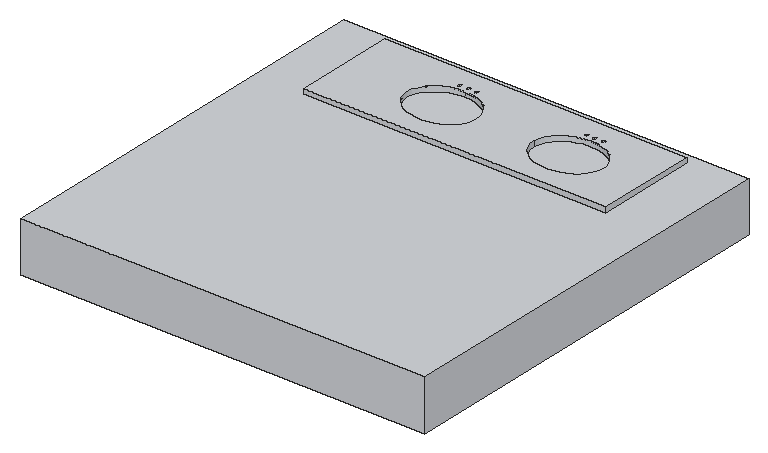
Revit family
Parameters
  Width = 2' - 0"
  URL = "www.coldspringgranite.com"
  TypicalJointSize = 0' - 0 1/4"
  StoneMaterial = none
  SinkCutoutWidth = 1' - 1 1/2"
  SinkCutoutLength = 1' - 4 5/8"
  SinkCenterlinetoSinkCenterline = 2' - 6"
  SinkCenterlinetoLeftEdge = 2' - 0"
  SinkCenterlinetoFrontEdge = 0' - 11"
  Product Name = "Countertop - Vanity Stone Panels with Double Sink Cutout"
  Product Documentation Link = "http://www.coldspringgranite.com/BIM_Families/Family_Detail/Countertop_-_Vanity_Stone_Panels_with_Double_Sink_Cutout/"
  PhoneNumber = "800-551-7502"
  Notes = ""
  Model = "N/A"
  Manufacturer = "Cold Spring Granite Company"
  Low Emitting Material = yes
  Low Emitting Finish = yes
  Location = "17482 Granite West Road, Cold Spring, MN 56320-4578"
  Length [instance] = 6' - 0"
  LEED Credit = ""
  Keynote = "123640"
  JointRight = if(JointRightOff, 0' 0", TypicalJointSize / 2)  # 0' - 0 1/8"
  JointLeft = if(JointLeftOff, 0' 0", TypicalJointSize / 2)  # 0' - 0 1/8"
  JointBackOff = no
  JointRightOff = no
  JointLeftOff = no
  JointBack = if(JointBackOff, 0' 0", TypicalJointSize / 2)  # 0' - 0 1/8"
  Height = 0' - 1 3/16"
  FaucetHoleRadius = 0' - 0 3/8"
  FaucetCenterlinetoSinkEdge = 0' - 1 1/8"
  FaucetCenterlinetoFaucetCenterline = 0' - 4"
  Description = "Stone Double Vanity Square Front Edge"
  Default Elevation = 0' - 0"
  CountertopHeight = 2' - 10"
  Assembly Code = "C1030400"
Reference planes (in)
  plane 1 "Center (Front/Back)": y = 0
  plane 2: z = 0
  plane 3 "Center (Left/Right)": x = 0
  plane 4 "StoneLeft": x = 0.125
  plane 5 "StoneRight": x = 71.875
  plane 6 "JointRightCenter": x = 72
  plane 7 "StoneBack": y = -0.125
  plane 8 "StoneFront": y = -24
  plane 9 "SinkLeftOne": x = 15.8125
  plane 10 "SinkRightOne": x = 32.4375
  plane 11 "SinkRightTwo": x = 62.4375
  plane 12 "SinkLeftTwo": x = 45.8125
  plane 13 "SinkLeftCenter": x = 24.125
  plane 14 "SinkRightCenter": x = 54.125
  plane 15 "FaucetLeftOne": x = 22.125
  plane 16 "FaucetRightOne": x = 26.125
  plane 17 "FaucetLeftTwo": x = 52.125
  plane 18 "FaucetRightTwo": x = 56.125
  plane 19 "SinkCenterFrontBack": y = -13
  plane 20 "SinkBack": y = -6.25
  plane 21 "SinkFront": y = -19.75
  plane 22 "FaucetCenterFrontBack": y = -5.125
  plane 23 "StoneTop": z = 34
  plane 24 "StoneBottom": z = 32.8125
Forms (in)
  Extrusion 1, solid
    sketch origin (0, 0, 0) x (1, 0, 0) y (0, 1, 0)
      loop
        line (-48, 48) -> (-48, -48) -> (48, -48) -> (48, 48) -> (-48, 48)
    from 0 to -12
  Extrusion 2, solid, material <- "StoneMaterial", detail levels coarse
    sketch origin (0, 0, 0) x (1, 0, 0) y (0, 1, 0)
      loop
        line (0, -24) -> (72, -24) -> (72, 0) -> (0, 0) -> (0, -24)
    from 32.8125 to 34
  Extrusion 3, solid, material <- "StoneMaterial", detail levels medium+fine
    sketch origin (7.37383, 2.64701, 0) x (1, 0, 0) y (0, 1, 0)
      loop
        line (-7.24883, -26.64701) -> (64.50117, -26.64701) -> (64.50117, -2.77201) -> (-7.24883, -2.77201) -> (-7.24883, -26.64701)
      loop
        spline (16.75117, -8.89701) -> (14.59974, -9.12702) -> (12.59492, -9.80134) -> (10.87335, -10.87404) -> (9.55234, -12.27201) -> (8.72192, -13.89999) -> (8.43867, -15.64701) -> (8.72192, -17.39404) -> (9.55234, -19.02201) -> (10.87335, -20.41999) -> (12.59492, -21.49269) -> (14.59974, -22.16701) -> (16.75117, -22.39701)
        spline (16.75117, -22.39701) -> (18.90261, -22.16701) -> (20.90742, -21.49269) -> (22.629, -20.41999) -> (23.95001, -19.02201) -> (24.78043, -17.39404) -> (25.06367, -15.64701) -> (24.78043, -13.89999) -> (23.95001, -12.27201) -> (22.629, -10.87404) -> (20.90742, -9.80134) -> (18.90261, -9.12702) -> (16.75117, -8.89701)
      loop
        spline (55.06367, -15.64701) -> (54.78043, -13.89999) -> (53.95001, -12.27201) -> (52.629, -10.87404) -> (50.90742, -9.80134) -> (48.90261, -9.12702) -> (46.75117, -8.89701) -> (44.59974, -9.12702) -> (42.59492, -9.80134) -> (40.87335, -10.87404) -> (39.55234, -12.27201) -> (38.72192, -13.89999) -> (38.43867, -15.64701)
        spline (38.43867, -15.64701) -> (38.72192, -17.39404) -> (39.55234, -19.02201) -> (40.87335, -20.41999) -> (42.59492, -21.49269) -> (44.59974, -22.16701) -> (46.75117, -22.39701) -> (48.90261, -22.16701) -> (50.90742, -21.49269) -> (52.629, -20.41999) -> (53.95001, -19.02201) -> (54.78043, -17.39404) -> (55.06367, -15.64701)
      loop
        circle (14.75117, -7.77201) r 0.375
      loop
        circle (16.75117, -7.77201) r 0.375
      loop
        circle (18.75117, -7.77201) r 0.375
      loop
        circle (44.75117, -7.77201) r 0.375
      loop
        circle (46.75117, -7.77201) r 0.375
      loop
        circle (48.75117, -7.77201) r 0.375
    from 32.8125 to 34
Lines and regions (in)
  Masking region 1, detail levels coarse
    outline origin (0, -24, 0) x (1, 0, 0) y (0, 0, 1)
      loop
        line (0, 34) -> (0, 32.8125) -> (72, 32.8125) -> (72, 34) -> (0, 34)
  Masking region 2, detail levels medium+fine
    outline origin (0, -24, 0) x (1, 0, 0) y (0, 0, 1)
      loop
        line (0.125, 34) -> (0.125, 32.8125) -> (71.875, 32.8125) -> (71.875, 34) -> (0.125, 34)
  Masking region 3, detail levels coarse
    outline origin (0.125, 0, 0) x (0, 1, 0) y (0, 0, 1)
      loop
        line (0, 34) -> (-24, 34) -> (-24, 32.8125) -> (0, 32.8125) -> (0, 34)
  Masking region 4, detail levels medium+fine
    outline origin (0.125, 0, 0) x (0, 1, 0) y (0, 0, 1)
      loop
        line (-0.125, 34) -> (-24, 34) -> (-24, 32.8125) -> (-0.125, 32.8125) -> (-0.125, 34)
  Masking region 5, detail levels coarse
    outline origin (0, 0, 34) x (-1, 0, 0) y (0, -1, 0)
      loop
        line (0, 0) -> (0, 24) -> (-72, 24) -> (-72, 0) -> (0, 0)
  Masking region 6, detail levels medium+fine
    outline origin (-1.75, 1.75, 34) x (-1, 0, 0) y (0, -1, 0)
      loop
        line (-1.875, 25.75) -> (-73.625, 25.75) -> (-73.625, 1.875) -> (-1.875, 1.875) -> (-1.875, 25.75)
      loop
        circle (-23.875, 6.875) r 0.375
      loop
        circle (-25.875, 6.875) r 0.375
      loop
        circle (-27.875, 6.875) r 0.375
      loop
        circle (-53.875, 6.875) r 0.375
      loop
        circle (-55.875, 6.875) r 0.375
      loop
        circle (-57.875, 6.875) r 0.375
      loop
        spline (-34.1875, 14.75) -> (-33.90426, 13.00297) -> (-33.07384, 11.375) -> (-31.75283, 9.97703) -> (-30.03125, 8.90433) -> (-28.02643, 8.23) -> (-25.875, 8) -> (-23.72357, 8.23) -> (-21.71875, 8.90433) -> (-19.99717, 9.97703) -> (-18.67616, 11.375) -> (-17.84574, 13.00297) -> (-17.5625, 14.75)
        spline (-17.5625, 14.75) -> (-17.84574, 16.49703) -> (-18.67616, 18.125) -> (-19.99717, 19.52297) -> (-21.71875, 20.59567) -> (-23.72357, 21.27) -> (-25.875, 21.5) -> (-28.02643, 21.27) -> (-30.03125, 20.59567) -> (-31.75283, 19.52297) -> (-33.07384, 18.125) -> (-33.90426, 16.49703) -> (-34.1875, 14.75)
      loop
        spline (-64.1875, 14.75) -> (-63.90426, 13.00297) -> (-63.07384, 11.375) -> (-61.75283, 9.97703) -> (-60.03125, 8.90433) -> (-58.02643, 8.23) -> (-55.875, 8) -> (-53.72357, 8.23) -> (-51.71875, 8.90433) -> (-49.99717, 9.97703) -> (-48.67616, 11.375) -> (-47.84574, 13.00297) -> (-47.5625, 14.75)
        spline (-47.5625, 14.75) -> (-47.84574, 16.49703) -> (-48.67616, 18.125) -> (-49.99717, 19.52297) -> (-51.71875, 20.59567) -> (-53.72357, 21.27) -> (-55.875, 21.5) -> (-58.02643, 21.27) -> (-60.03125, 20.59567) -> (-61.75283, 19.52297) -> (-63.07384, 18.125) -> (-63.90426, 16.49703) -> (-64.1875, 14.75)
  symbolic lines, detail levels fine
    curve 1: line (0.125, -4.75, 34) -> (0.125, -4.75, 32.8125)
    curve 2: line (0.125, -5.5, 32.8125) -> (0.125, -5.5, 34)
    curve 3: line (0.125, -6, 34) -> (0.125, -6, 32.8125)
    curve 4: line (0.125, -19.75, 34) -> (0.125, -19.75, 32.8125)
Dimensions and locks (in)
  "Length": plane 3 "Center (Left/Right)" to plane 6 "JointRightCenter"
  "JointLeft": plane 3 "Center (Left/Right)" to plane 4 "StoneLeft"
  "JointRight": plane 5 "StoneRight" to plane 6 "JointRightCenter"
  "Width": plane 8 "StoneFront" to plane 1 "Center (Front/Back)"
  "JointBack": plane 7 "StoneBack" to plane 1 "Center (Front/Back)"
  equal spacing: plane 9 "SinkLeftOne", plane 13 "SinkLeftCenter", plane 10 "SinkRightOne"
  equal spacing: plane 12 "SinkLeftTwo", plane 14 "SinkRightCenter", plane 11 "SinkRightTwo"
  equal spacing: plane 21 "SinkFront", plane 19 "SinkCenterFrontBack", plane 20 "SinkBack"
  "Height": plane 23 "StoneTop" to plane 24 "StoneBottom"
  "CountertopHeight": plane 23 "StoneTop" to plane 2
  "SinkCutoutLength": plane 9 "SinkLeftOne" to plane 10 "SinkRightOne"
  "SinkCutoutLength": plane 12 "SinkLeftTwo" to plane 11 "SinkRightTwo"
  "SinkCutoutWidth": plane 20 "SinkBack" to plane 21 "SinkFront"
  equal spacing: plane 15 "FaucetLeftOne", plane 13 "SinkLeftCenter", plane 16 "FaucetRightOne"
  equal spacing: plane 17 "FaucetLeftTwo", plane 14 "SinkRightCenter", plane 18 "FaucetRightTwo"
  "FaucetCenterlinetoFaucetCenterline": plane 15 "FaucetLeftOne" to plane 16 "FaucetRightOne"
  "FaucetCenterlinetoFaucetCenterline": plane 17 "FaucetLeftTwo" to plane 18 "FaucetRightTwo"
  "SinkCenterlinetoFrontEdge": plane 19 "SinkCenterFrontBack" to plane 8 "StoneFront"
  "SinkCenterlinetoLeftEdge": plane 4 "StoneLeft" to plane 13 "SinkLeftCenter"
  "SinkCenterlinetoSinkCenterline": plane 13 "SinkLeftCenter" to plane 14 "SinkRightCenter"
  "FaucetHoleRadius": curve 1 to plane 22 "FaucetCenterFrontBack"
  "FaucetHoleRadius": plane 22 "FaucetCenterFrontBack" to curve 2
  locked: plane 15 "FaucetLeftOne" to Extrusion 3 sketch curve at 0
  locked: Extrusion 3 sketch curve to plane 13 "SinkLeftCenter" at 0  (x2)
  locked: Extrusion 3 sketch curve to plane 16 "FaucetRightOne" at 0
  locked: plane 10 "SinkRightOne" to Extrusion 3 sketch curve at 0
  locked: plane 17 "FaucetLeftTwo" to Extrusion 3 sketch curve at 0
  locked: plane 14 "SinkRightCenter" to Extrusion 3 sketch curve at 0  (x2)
  locked: Extrusion 3 sketch curve to plane 18 "FaucetRightTwo" at 0
  locked: Extrusion 3 sketch curve to plane 11 "SinkRightTwo" at 0
  locked: Extrusion 3 sketch curve to plane 19 "SinkCenterFrontBack" at 0  (x2)
  locked: plane 22 "FaucetCenterFrontBack" to Extrusion 3 sketch curve at 0  (x6)
  "SinkCutoutWidth": Extrusion 3 sketch curve to Extrusion 3 sketch curve  (x2)
  "SinkCutoutWidth": Masking region 6 sketch curve to Masking region 6 sketch curve  (x2)
  "SinkCutoutLength": Masking region 6 sketch curve to Masking region 6 sketch curve  (x2)
  locked: plane 11 "SinkRightTwo" to Masking region 6 sketch curve at 0
  locked: plane 18 "FaucetRightTwo" to Masking region 6 sketch curve at 0
  locked: Masking region 6 sketch curve to plane 14 "SinkRightCenter" at 0
  locked: Masking region 6 sketch curve to plane 17 "FaucetLeftTwo" at 0
  locked: Masking region 6 sketch curve to plane 10 "SinkRightOne" at 0
  locked: plane 16 "FaucetRightOne" to Masking region 6 sketch curve at 0
  locked: plane 13 "SinkLeftCenter" to Masking region 6 sketch curve at 0
  locked: Masking region 6 sketch curve to plane 15 "FaucetLeftOne" at 0
  locked: Masking region 6 sketch curve to plane 22 "FaucetCenterFrontBack" at 0  (x6)
  locked: plane 19 "SinkCenterFrontBack" to Masking region 6 sketch curve at 0  (x2)
  "FaucetCenterlinetoSinkEdge": plane 20 "SinkBack" to plane 22 "FaucetCenterFrontBack"
  "FaucetHoleRadius": radius of Extrusion 3 sketch curve  (x6)
  "FaucetHoleRadius": radius of Masking region 6 sketch curve  (x6)
  aligned and locked: plane 2 to Extrusion 1
  aligned and locked: level to Extrusion 1
  aligned and locked: Extrusion 2 to plane 3 "Center (Left/Right)"
  aligned and locked: plane 6 "JointRightCenter" to Extrusion 2
  aligned and locked: Extrusion 2 to plane 1 "Center (Front/Back)"
  aligned and locked: plane 8 "StoneFront" to Extrusion 2
  aligned and locked: Extrusion 3 to plane 4 "StoneLeft"
  aligned and locked: plane 7 "StoneBack" to Extrusion 3
  aligned and locked: Extrusion 3 to plane 5 "StoneRight"
  aligned and locked: plane 8 "StoneFront" to Extrusion 3
  aligned and locked: plane 23 "StoneTop" to Extrusion 3
  aligned and locked: plane 24 "StoneBottom" to Extrusion 3
  aligned and locked: plane 23 "StoneTop" to Extrusion 2
  aligned and locked: plane 24 "StoneBottom" to Extrusion 2
  aligned and locked: Masking region 1 to plane 3 "Center (Left/Right)"
  aligned and locked: plane 6 "JointRightCenter" to Masking region 1
  aligned and locked: plane 23 "StoneTop" to Masking region 1
  aligned and locked: plane 24 "StoneBottom" to Masking region 1
  aligned and locked: Masking region 2 to plane 4 "StoneLeft"
  aligned and locked: Masking region 2 to plane 5 "StoneRight"
  aligned and locked: plane 23 "StoneTop" to Masking region 2
  aligned and locked: plane 24 "StoneBottom" to Masking region 2
  aligned and locked: plane 1 "Center (Front/Back)" to Masking region 3
  aligned and locked: Masking region 3 to plane 8 "StoneFront"
  aligned and locked: Masking region 3 to plane 23 "StoneTop"
  aligned and locked: Masking region 3 to plane 24 "StoneBottom"
  aligned and locked: Masking region 4 to plane 7 "StoneBack"
  aligned and locked: Masking region 4 to plane 8 "StoneFront"
  aligned and locked: Masking region 4 to plane 23 "StoneTop"
  aligned and locked: Masking region 4 to plane 24 "StoneBottom"
  aligned and locked: plane 23 "StoneTop" to curve 4
  aligned and locked: plane 24 "StoneBottom" to curve 4
  aligned and locked: plane 21 "SinkFront" to curve 4
  aligned and locked: plane 23 "StoneTop" to curve 3
  aligned and locked: plane 24 "StoneBottom" to curve 3
  aligned and locked: plane 23 "StoneTop" to curve 2
  aligned and locked: plane 24 "StoneBottom" to curve 2
  aligned and locked: plane 23 "StoneTop" to curve 1
  aligned and locked: plane 24 "StoneBottom" to curve 1
  aligned and locked: Masking region 5 to plane 3 "Center (Left/Right)"
  aligned and locked: Masking region 5 to plane 1 "Center (Front/Back)"
  aligned and locked: plane 6 "JointRightCenter" to Masking region 5
  aligned and locked: plane 8 "StoneFront" to Masking region 5
  aligned and locked: Masking region 6 to plane 4 "StoneLeft"
  aligned and locked: plane 7 "StoneBack" to Masking region 6
  aligned and locked: Masking region 6 to plane 5 "StoneRight"
  aligned and locked: plane 8 "StoneFront" to Masking region 6
Automatic sketch dimensions
  Extrusion 1 sketch curve to Extrusion 1 sketch curve = 8' - 0"  (x2)
  Extrusion 2 sketch curve to plane 4 "StoneLeft" = 0' - 0 1/8"
  plane 6 "JointRightCenter" to Extrusion 2 sketch curve = 0' - 0"
  plane 8 "StoneFront" to Extrusion 2 sketch curve = 0' - 0"
  Extrusion 2 sketch curve to plane 1 "Center (Front/Back)" = 0' - 0"
  plane 24 "StoneBottom" to Masking region 1 sketch curve = 0' - 0"
  Masking region 1 sketch curve to plane 4 "StoneLeft" = 0' - 0 1/8"
  Masking region 1 sketch curve to plane 5 "StoneRight" = 0' - 0 1/8"
  plane 23 "StoneTop" to Masking region 1 sketch curve = 0' - 0"
  plane 4 "StoneLeft" to Masking region 2 sketch curve = 0' - 0"
  Masking region 2 sketch curve to plane 5 "StoneRight" = 0' - 0"
  plane 24 "StoneBottom" to Masking region 2 sketch curve = 0' - 0"
  Masking region 2 sketch curve to Masking region 2 sketch curve = 0' - 1 3/16"
  curve 3 to plane 20 "SinkBack" = 0' - 0 1/4"
  Masking region 3 sketch curve to plane 8 "StoneFront" = 0' - 0"
  Masking region 3 sketch curve to plane 1 "Center (Front/Back)" = 0' - 0"
  plane 24 "StoneBottom" to Masking region 3 sketch curve = 0' - 0"
  Masking region 3 sketch curve to plane 23 "StoneTop" = 0' - 0"
  Masking region 4 sketch curve to plane 8 "StoneFront" = 0' - 0"
  Masking region 4 sketch curve to plane 7 "StoneBack" = 0' - 0"
  plane 24 "StoneBottom" to Masking region 4 sketch curve = 0' - 0"
  Masking region 4 sketch curve to plane 23 "StoneTop" = 0' - 0"
  plane 11 "SinkRightTwo" to Masking region 5 sketch curve = 0' - 9 9/16"
  Masking region 5 sketch curve to plane 4 "StoneLeft" = 0' - 0 1/8"
  Masking region 5 sketch curve to plane 1 "Center (Front/Back)" = 0' - 0"
  plane 8 "StoneFront" to Masking region 5 sketch curve = 0' - 0"
  Extrusion 3 sketch curve to plane 4 "StoneLeft" = 0' - 0"
  plane 5 "StoneRight" to Extrusion 3 sketch curve = 0' - 0"
  plane 8 "StoneFront" to Extrusion 3 sketch curve = 0' - 0"
  Extrusion 3 sketch curve to plane 7 "StoneBack" = 0' - 0"
  Masking region 6 sketch curve to plane 5 "StoneRight" = 0' - 0"
  plane 4 "StoneLeft" to Masking region 6 sketch curve = 0' - 0"
  plane 7 "StoneBack" to Masking region 6 sketch curve = 0' - 0"
  Masking region 6 sketch curve to plane 8 "StoneFront" = 0' - 0"
Nested families (in)
  nested 1: "CopyRight" at (0, 0, 0), type "CopyRight"
Definition of nested family "CopyRight"
  Parameters (values of type "CopyRight")
    CopyRight = "Cold Spring Granite Company"
  Reference planes (in)
    plane 1: z = 0
